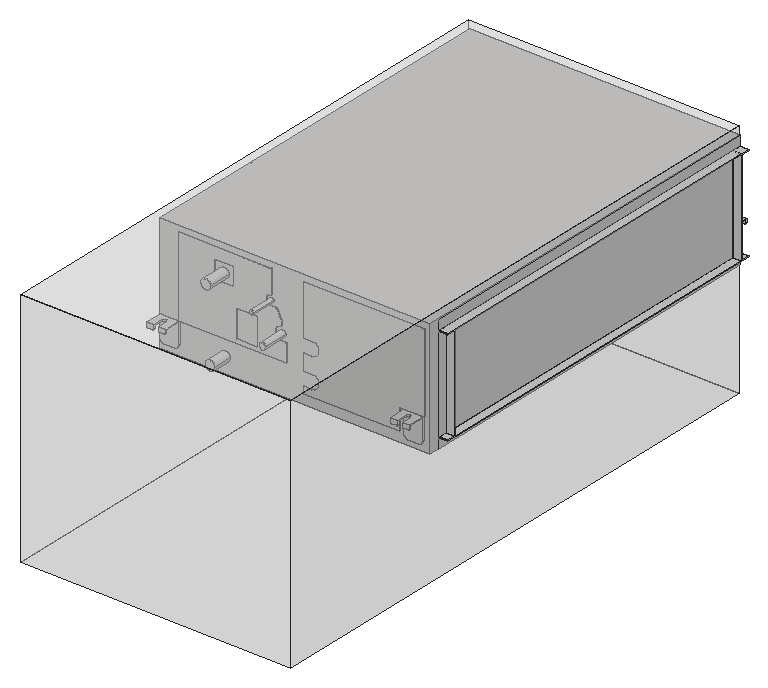
Revit family "outputfile", category 機械設備, Revit 2024
Family settings
  丸型コネクタ寸法 = 半径を使用
  パーツ タイプ = 標準
  OmniClass 番号 = 23.75.10.24.21.27.27
  OmniClass タイトル = Split System Air Conditioning Units
  作業面ベース = いいえ
  常に垂直 = はい
  ロード時にボイドで切り取り = いいえ
  注釈の向きを維持 = いいえ
  共有 = いいえ
  部屋計算ポイント = はい
Parameters (values of type "FDMA71AV1A")
  Description = ""
  製造元 = "Daikin"
  書き出し IFC クラス(タイプ) = "IfcUnitaryEquipmentType"
  定義済み IFC タイプ(タイプ) = "AIRCONDITIONINGUNIT"
  Cost = 0
  モデル = "FDMA71AV1A"
  Type Comments = ""
  Keynote = ""
  Type Image = (empty or 0)
  Assembly Code = ""
  switch_frequency = yes
  r_Liquid Pipe Size = Liquid Pipe Size / 2  # 4.75 mm
  r_Gas Pipe Size = Gas Pipe Size / 2  # 7.95 mm
  r_Drain Pipe Size = Drain Pipe Size / 2  # 12.5 mm
  lw_power = 395.0 mm  # constant formula
  lw_mountinghole1 = if(Depth = 1000.0 mm, 27.0 mm, if(Depth = 1400.0 mm, 28.0 mm, 27.0 mm))  # 27.0 mm
  lh_SA = 165.0 mm  # constant formula
  lw_SA = if(Depth = 550.0 mm, 225.0 mm, if(Depth = 700.0 mm, 300.0 mm, if(Depth = 1000.0 mm, 435.0 mm, if(Depth = 1400.0 mm, 635.0 mm, 725.0 mm))))  # 435.0 mm
  lw_RA = if(Depth = 550.0 mm, 275.0 mm, if(Depth = 700.0 mm, 349.0 mm, if(Depth = 1000.0 mm, 513.0 mm, if(Depth = 1400.0 mm, 713.0 mm, 775.0 mm))))  # 513.0 mm
  lh_power = 60.0 mm + [h***]  # 60.0 mm
  lh_mountinghole1 = lh_mountinghole + [h***]  # 80.0 mm
  lh_RA = 150.0 mm  # constant formula
  ld_power = Depth / 2  # 500.0 mm
  connector_voltage = Voltage_50Hz  # 230 V
  connector_powerinput = [Power Input (Cooling)]  # 2.250 kW
  connector_phase = Phase_50Hz  # 1
  Voltage_comment_50Hz = "220 - 240"
  Voltage_50Hz = 230 V
  URL = ""
  Total Heating Capacity [instance] = 0.000 kW
  Supply Air Direction [instance] = yes
  Sound Power Level_H speed (dB) = 54
  Power Input (Heating) = 2.300 kW
  Phase_50Hz = 1
  Nominal Heating Capacity = 8.000 kW
  Minimum External Static Pressure = 50.00 Pa
  Minimum Circuit Amps_50Hz = 0.0 A
  Maximum Fuse Amps_50Hz = 0.0 A
  Maximum External Static Pressure = 200.00 Pa
  Material_Casing = DAIKIN_GalvanizedSteel_Casing_indoorunit
  lw_mountinghole = 631.0 mm  # constant formula
  lh_gaspipe = 144.0 mm + [h***]  # 144.0 mm
  lh_mountinghole = 80.0 mm  # constant formula
  lh_liquidpipe = 212.0 mm + [h***]  # 212.0 mm
  lh_drainpipe = 232.0 mm + [h***]  # 232.0 mm
  lh_antena = Height - lh_mountinghole + 1.0 mm  # 221.0 mm
  ld_drainpipe = Depth / 2 + 59.0 mm  # 559.0 mm
  ld_liquidpipe = Depth / 2 + 65.0 mm  # 565.0 mm
  ld_gaspipe = Depth / 2 + 65.0 mm  # 565.0 mm
  ld_mountinghole = Depth + 38.0 mm  # 1038.0 mm
  h*** = 0.0 mm  # constant formula
  lw_liquidpipe = 290.0 mm  # constant formula
  lw_gaspipe = 290.0 mm + 28.0 mm  # 318.0 mm
  lw_drainpipe = 167.0 mm  # constant formula
  Width = 700.0 mm
  Version = "ver.1.0"
  Unit Type = "Duct"
  Unit Mass Weight = 69.00 kg
  Unit Designation [instance] = ""
  Uniclass2015Version = "Products v1.30"
  Uniclass2015Title = "Split coil room air conditioning units"
  Uniclass2015Code = "Pr_70_65_03_86"
  Total Cooling Capacity [instance] = 0.000 kW
  Sound Pressure Level_M speed (dBA) = 34.5
  Sound Pressure Level_L speed (dBA) = 32
  Sound Pressure Level_H speed (dBA) = 37
  Series = "SkyAir_Fan Coil Unit"
  Sensible Cooling Capacity [instance] = 0.000 kW
  SA Duct Size Width = 760.0 mm
  SA Duct Size Height = 215.0 mm
  Refrigerant Type = "R32"
  RA Duct Size Width = 925.0 mm
  RA Duct Size Height = 247.0 mm
  Power Input (Cooling) = 2.250 kW
  Option Accessory 3 [instance] = ""
  Option Accessory 2 [instance] = ""
  Option Accessory 1 [instance] = ""
  Nominal Cooling Capacity = 7.100 kW
  Minimum Airflow = 900.00 m³/h
  Median Airflow = 990.00 m³/h
  Maximum Airflow = 1080.00 m³/h
  Load Classification = HVAC
  Liquid Pipe Size = 9.5 mm
  Link_Nested Family [instance] = ""
  IfcVersion = ""
  IfcExportType = "AIRCONDITIONINGUNIT"
  IfcExportAs = "IfcUnitaryEquipmentType"
  Height = 300.0 mm
  Heating Entering Wet Bulb Temperature [instance] = -273.15 °C
  Heating Entering Dry Bulb Temperature [instance] = -273.15 °C
  Heating Ambient Wet Bulb Temperature [instance] = -273.15 °C
  Heating Ambient Dry Bulb Temperature [instance] = -273.15 °C
  Heat Exchanger Type = "Cross Fin Coil"
  Gas Pipe Size = 15.9 mm
  Frequency_50Hz = 50 Hz
  Fan Type = "Sirocco Fan"
  Fan Drive = "-"
  FCU Tag No. [instance] = ""
  Drain Pipe Size = 25.0 mm
  Design Supply Airflow [instance] = 0.00 m³/h
  Design Return Airflow [instance] = 0.00 m³/h
  Design External Static Pressure [instance] = 0.00 Pa
  Depth = 1000.0 mm
  既定の高さ = 0.0 mm
  Cooling Entering Wet Bulb Temperature [instance] = 0.00 °C
  Cooling Entering Dry Bulb Temperature [instance] = 0.00 °C
  Cooling Ambient Wet Bulb Temperature [instance] = 0.00 °C
  Cooling Ambient Dry Bulb Temperature [instance] = 0.00 °C
  Clearance visibility [instance] = yes
  Clearance Top = 20.0 mm
  Clearance Right = 0.0 mm
  Clearance Rear = 0.0 mm
  Clearance Left = 0.0 mm
  Clearance Front = 450.0 mm
  Clearance Bottom = 300.0 mm
Reference planes
  plane 1 "Center (Front/Back)": y = 0
  plane 2 "h": z = 0
  plane 3 "Center (Left/Right)": x = 0
  plane 4 "Back": y = 500
  plane 5 "Front": y = -500
  plane 6 "Left": x = -350
  plane 7 "Right": x = 350
  plane 8 "Top": z = 0
  plane 9 "Bottom": z = -300
  plane 10: y = -215
  plane 11: y = 500
  plane 12: y = -950
  plane 13: x = -350
  plane 14: x = 350
  plane 15: z = 20
  plane 16: z = -600
  plane 17: x = -350
  plane 18: x = -349
  plane 19: x = 349
  plane 20: y = 65
  plane 21: y = 13
  plane 22: z = -150
  plane 23: y = -501
  plane 24: z = -88
  plane 25: x = -60
  plane 26: y = -565
  plane 27: z = -156
  plane 28: x = -32
  plane 29: y = -559
  plane 30: z = -68
  plane 31: x = -183
  plane 32: x = -183
  plane 33: x = -60
  plane 34: x = -32
  plane 35: x = 45
  plane 36: x = -323
  plane 37: x = 308
  plane 38: y = -519
  plane 39: y = 519
  plane 40: z = -220
  plane 41: z = -135
  plane 42: y = -565
  plane 43: y = -376
  plane 44: y = -499
  plane 45: x = -373
  plane 46: x = 373
  plane 47: y = -549
Forms (mm)
  Extrusion 1, solid, material "DAIKIN_GalvanizedSteel_Casing_indoorunit" <- "Material_Casing"
    sketch origin (0, 0, 0) x (1, 0, 0) y (0, 1, 0)
      loop
        line (-349, 500) -> (-349, -500) -> (349, -500) -> (349, 500) -> (-349, 500)
    from -300 to 0
  Extrusion 2, solid, material "DAIKIN_GalvanizedSteel_Casing_indoorunit" <- "Material_Casing"
    sketch origin (0, 0, 0) x (1, 0, 0) y (0, 0, 1)
      loop
        line (-298.499, -219) -> (-20, -219) -> (-20, -172.5) -> (-37.831, -172.5)
        arc (-37.831, -172.5) -> (-49.389, -154.034) -> (-34, -138.615) r 17.5
        line (-34, -138.615) -> (-34, -127.5) -> (-47, -100.5) -> (-63.571, -100.5)
        arc (-63.571, -100.5) -> (-72.874, -86.197) -> (-60, -75) r 13
        line (-60, -75) -> (-60, -14) -> (-298.499, -14) -> (-298.499, -219)
      loop
        line (-158.5, -43.5) -> (-207.5, -43.5) -> (-207.5, -92.5) -> (-158.5, -92.5) -> (-158.5, -43.5)
      loop
        line (-150.563, -137.796) -> (-150.563, -209.857) -> (-96.517, -209.857) -> (-96.517, -137.796) -> (-150.563, -137.796)
    from 500 to 501
  Extrusion 3, solid, material "DAIKIN_GalvanizedSteel_Casing_indoorunit" <- "Material_Casing"
    sketch origin (0, 0, 0) x (1, 0, 0) y (0, 0, 1)
      loop
        line (23.104, -274.802) -> (271.104, -274.802) -> (271.104, -219.802) -> (335, -219.802) -> (335, -15.8) -> (23.104, -15.8) -> (23.104, -146.302) -> (46.104, -146.302)
        arc (46.104, -146.302) -> (63.604, -163.802) -> (46.104, -181.302) r 17.5
        line (46.104, -181.302) -> (23.104, -181.302) -> (23.104, -222.302) -> (46.104, -222.302)
        arc (46.104, -222.302) -> (63.604, -239.802) -> (46.104, -257.302) r 17.5
        line (46.104, -257.302) -> (23.104, -257.302) -> (23.104, -274.802)
    from 500 to 501
  Extrusion 4, solid, material "DAIKIN_GalvanizedSteel_Casing_indoorunit" <- "Material_Casing"
    sketch origin (0, 0, 0) x (1, 0, 0) y (0, 0, 1)
      loop
        circle (-60, -88) r 4.75
    from 500 to 565
  Extrusion 5, solid, material "DAIKIN_GalvanizedSteel_Casing_indoorunit" <- "Material_Casing"
    sketch origin (0, 0, 0) x (1, 0, 0) y (0, 0, 1)
      loop
        circle (-32, -156) r 7.95
    from 500 to 565
  Extrusion 6, solid, material "DAIKIN_GalvanizedSteel_Casing_indoorunit" <- "Material_Casing"
    sketch origin (0, 0, 0) x (1, 0, 0) y (0, 0, 1)
      loop
        circle (-183, -68) r 12.5
    from 500 to 559
  Extrusion 7, solid, material "DAIKIN_GalvanizedSteel_Casing_indoorunit" <- "Material_Casing"
    sketch origin (0, 0, 0) x (1, 0, 0) y (0, 0, 1)
      loop
        circle (-180, -260) r 12.5
    from 500 to 549
Dimensions and locks
  "Height": plane 8 "Top" to plane 9 "Bottom"
  equal spacing: plane 4 "Back", plane 1 "Center (Front/Back)", plane 5 "Front"
  "Depth": plane 4 "Back" to plane 5 "Front"
  equal spacing: plane 6 "Left", plane 3 "Center (Left/Right)", plane 7 "Right"
  "Width": plane 6 "Left" to plane 7 "Right"
  "Clearance Left": plane 13 to plane 6 "Left"
  "Clearance Right": plane 7 "Right" to plane 14
  "Clearance Rear": plane 11 to plane 4 "Back"
  "Clearance Front": plane 5 "Front" to plane 12
  "Clearance Top": plane 15 to plane 8 "Top"
  "Clearance Bottom": plane 9 "Bottom" to plane 16
  locked: plane 17 to plane 18 at 1
  locked: plane 19 to plane 14 at 1
  "lw_RA": plane 21 to plane 5 "Front"
  "lh_RA": plane 22 to plane 9 "Bottom"
  locked: plane 5 "Front" to plane 23 at 1
  "lw_liquidpipe": plane 25 to plane 6 "Left"
  "lh_liquidpipe": plane 24 to plane 9 "Bottom"
  "lh_gaspipe": plane 27 to plane 9 "Bottom"
  "lw_gaspipe": plane 28 to plane 6 "Left"
  "ld_gaspipe": plane 26 to plane 1 "Center (Front/Back)"
  "ld_drainpipe": plane 29 to plane 1 "Center (Front/Back)"
  "lh_drainpipe": plane 30 to plane 9 "Bottom"
  "lw_drainpipe": plane 31 to plane 6 "Left"
  "lw_drainpipe": plane 6 "Left" to plane 32
  "lw_liquidpipe": plane 6 "Left" to plane 33
  "lw_gaspipe": plane 6 "Left" to plane 34
  "lw_power": plane 6 "Left" to plane 35
  "lw_mountinghole1": plane 17 to plane 36
  "lw_mountinghole": plane 36 to plane 37
  equal spacing: plane 38, plane 1 "Center (Front/Back)", plane 39
  "ld_mountinghole": plane 39 to plane 38
  "lh_mountinghole": plane 40 to plane 9 "Bottom"
  "lh_SA": plane 41 to plane 9 "Bottom"
  locked: plane 44 to plane 5 "Front" at 1
  locked: plane 45 to plane 17 at 23
  locked: plane 14 to plane 46 at 23
  "ld_liquidpipe": plane 42 to plane 1 "Center (Front/Back)"
  locked: Extrusion 7 sketch curve to plane 18 at 169
  locked: Extrusion 7 sketch curve to plane 9 "Bottom" at 40
  locked: Extrusion 2 sketch curve to Extrusion 2 sketch curve at 205
  locked: Extrusion 2 sketch curve to Extrusion 2 sketch curve at 86.5
  locked: Extrusion 2 sketch curve to Extrusion 2 sketch curve at 72
  locked: Extrusion 2 sketch curve to Extrusion 2 sketch curve at 49  (x2)
  locked: Extrusion 2 sketch curve to Extrusion 2 sketch curve at 29.5
  locked: Extrusion 2 sketch curve to Extrusion 2 sketch curve at 72.061
  locked: Extrusion 2 sketch curve to Extrusion 2 sketch curve at 54.046
  locked: Extrusion 2 sketch curve to Extrusion 2 sketch curve at 98.5
  Extrusion 2 sketch curve to connector elem = 40.0 mm
  locked: Extrusion 2 sketch curve to Extrusion 2 sketch curve at 9.143
  locked: Extrusion 2 sketch curve to plane 18 at 50.501
  locked: plane 5 "Front" to plane 47 at 49
  "lw_SA": plane 4 "Back" to plane 20
  "r_Liquid Pipe Size": radius of Extrusion 4 sketch curve
  "r_Gas Pipe Size": radius of Extrusion 5 sketch curve
  "r_Drain Pipe Size": radius of Extrusion 6 sketch curve
  aligned and locked: level to plane 2 "h"
  aligned and locked: plane 8 "Top" to Extrusion 1
  aligned and locked: Extrusion 1 to plane 9 "Bottom"
  aligned and locked: nested 5 to plane 12
  aligned and locked: plane 13 to nested 5
  aligned and locked: plane 14 to nested 5
  aligned and locked: nested 5 to plane 13
  aligned and locked: plane 11 to nested 5
  aligned and locked: plane 15 to nested 5
  aligned and locked: plane 16 to nested 5
  aligned and locked: plane 5 "Front" to Extrusion 1 sketch curve
  aligned and locked: Extrusion 1 to plane 18
  aligned and locked: plane 19 to Extrusion 1
  aligned and locked: nested 7 to plane 18
  aligned and locked: nested 7 to plane 20
  aligned and locked: plane 19 to nested 8
  aligned and locked: plane 21 to nested 8
  aligned and locked: plane 22 to nested 8
  aligned and locked: Extrusion 2 to plane 23
  aligned and locked: plane 5 "Front" to Extrusion 2
  aligned and locked: plane 5 "Front" to Extrusion 3
  aligned and locked: Extrusion 4 sketch curve to plane 25
  aligned and locked: plane 24 to Extrusion 4 sketch curve
  aligned and locked: plane 5 "Front" to Extrusion 4
  aligned and locked: Extrusion 5 sketch curve to plane 28
  aligned and locked: plane 27 to Extrusion 5 sketch curve
  aligned and locked: plane 5 "Front" to Extrusion 5
  aligned and locked: Extrusion 6 sketch curve to plane 31
  aligned and locked: Extrusion 6 sketch curve to plane 30
  aligned and locked: Extrusion 6 to plane 29
  aligned and locked: nested 3 to plane 29
  aligned and locked: plane 32 to nested 3
  aligned and locked: nested 2 to plane 33
  aligned and locked: nested 1 to plane 34
  aligned and locked: Extrusion 5 to plane 26
  aligned and locked: nested 1 to plane 26
  aligned and locked: nested 6 to plane 5 "Front"
  aligned and locked: nested 6 to plane 35
  aligned and locked: plane 36 to nested 10
  aligned and locked: nested 10 to plane 5 "Front"
  aligned and locked: plane 37 to nested 9
  aligned and locked: nested 9 to plane 5 "Front"
  aligned and locked: nested 11 to plane 36
  aligned and locked: plane 4 "Back" to nested 11
  aligned and locked: nested 12 to plane 37
  aligned and locked: plane 4 "Back" to nested 12
  aligned and locked: plane 40 to nested 10
  aligned and locked: plane 40 to nested 11
  aligned and locked: plane 40 to nested 9
  aligned and locked: plane 40 to nested 12
  aligned and locked: plane 36 to nested 14
  aligned and locked: nested 14 to plane 39
  aligned and locked: plane 37 to nested 13
  aligned and locked: nested 13 to plane 39
  aligned and locked: plane 37 to nested 16
  aligned and locked: plane 38 to nested 16
  aligned and locked: plane 38 to nested 15
  aligned and locked: plane 36 to nested 15
  aligned and locked: plane 17 to plane 6 "Left"
  aligned and locked: plane 41 to nested 7
  aligned and locked: Extrusion 4 to plane 42
  aligned and locked: nested 2 to plane 42
  aligned and locked: Extrusion 3 to plane 23
  aligned and locked: nested 17 to plane 20
  aligned and locked: nested 17 to plane 45
  aligned and locked: plane 21 to nested 18
  aligned and locked: plane 46 to nested 18
  aligned and locked: plane 41 to nested 17
  aligned and locked: nested 18 to plane 22
  aligned and locked: nested 4 to plane 3 "Center (Left/Right)"
  aligned and locked: plane 1 "Center (Front/Back)" to nested 4
  aligned and locked: level to plane 8 "Top"
  aligned and locked: plane 5 "Front" to Extrusion 6
  aligned and locked: plane 5 "Front" to Extrusion 7
  aligned and locked: Extrusion 7 to plane 47
Automatic sketch dimensions
  plane 6 "Left" to Extrusion 1 sketch curve = 1.0 mm
  Extrusion 1 sketch curve to plane 7 "Right" = 1.0 mm
  Extrusion 1 sketch curve to plane 4 "Back" = 0.0 mm
  Extrusion 2 sketch curve to Extrusion 2 sketch curve = 13.0 mm
  Extrusion 2 sketch curve to Extrusion 2 sketch curve = 16.571 mm
  plane 41 to Extrusion 2 sketch curve = 7.5 mm
  Extrusion 2 sketch curve to plane 41 = 3.615 mm
  Extrusion 2 sketch curve to Extrusion 2 sketch curve = 2.0 mm
  Extrusion 2 sketch curve to Extrusion 2 sketch curve = 5.831 mm
  plane 40 to Extrusion 2 sketch curve = 1.0 mm
  Extrusion 2 sketch curve to Extrusion 2 sketch curve = 12.5 mm
  Extrusion 2 sketch curve to plane 33 = 90.563 mm
  plane 3 "Center (Left/Right)" to Extrusion 3 sketch curve = 23.104 mm
  Extrusion 3 sketch curve to level = 15.8 mm
  Extrusion 3 sketch curve to plane 19 = 14.0 mm
  plane 40 to Extrusion 3 sketch curve = 0.198 mm
  Extrusion 3 sketch curve to plane 37 = 36.896 mm
  plane 9 "Bottom" to Extrusion 3 sketch curve = 25.198 mm  (x2)
  Extrusion 2 sketch curve to plane 33 = 147.5 mm
  Extrusion 2 sketch curve to Extrusion 2 sketch curve = 17.831 mm
  plane 35 to Extrusion 3 sketch curve = 1.104 mm  (x2)
  plane 22 to Extrusion 3 sketch curve = 3.698 mm
  Extrusion 3 sketch curve to plane 40 = 2.302 mm
  Extrusion 3 sketch curve to Extrusion 3 sketch curve = 17.5 mm
  Extrusion 3 sketch curve to plane 22 = 31.302 mm
  Extrusion 3 sketch curve to plane 35 = 21.896 mm
  Extrusion 3 sketch curve to Extrusion 3 sketch curve = 0.0 mm
  radius of Extrusion 7 sketch curve = 12.5 mm
Nested families
  nested 1: "daikin_connector_rotate2" at (-32, 0, -156), length <- "ld_gaspipe", built-in parameter 1001364 <- "lh_gaspipe", radius <- "r_Gas Pipe Size", type "daikin_connector_rotate2"
    with radius 7.95 mm, length 565.0 mm, angle_vertical 90.00°
  nested 2: "daikin_connector_rotate2" at (-60, 0, -88), length <- "ld_liquidpipe", built-in parameter 1001364 <- "lh_liquidpipe", radius <- "r_Liquid Pipe Size", type "daikin_connector_rotate2"
    with radius 4.75 mm, length 565.0 mm, angle_vertical 90.00°
  nested 3: "daikin_connector_rotate2" at (-183, 0, -68), length <- "ld_drainpipe", built-in parameter 1001364 <- "lh_drainpipe", radius <- "r_Drain Pipe Size", type "daikin_connector_rotate2"
    with radius 12.5 mm, length 559.0 mm, angle_vertical 90.00°
  nested 4: "daikin_△_symbolicline" at (0, 0, 300) x (0, -1, 0) z (0, 0, 1), built-in parameter 1001364 <- "Height", visible <- "Supply Air Direction", type "daikin_△_symbolicline"
    with length 200.0 mm
  nested 5: "daikin_clearancespace" at (0, -225, -289.881), visible <- "Clearance visibility", show <- "Clearance visibility", Link_Nested Family <- "Link_Nested Family", type "daikin_clearancespace"
    with width 700.0 mm, show yes, height 620.0 mm, depth 1450.0 mm, Link_Nested Family ""
  nested 6: "daikin_connector_rotate2" at (45, 0, -240), built-in parameter 1001364 <- "lh_power", length <- "ld_power", type "daikin_connector_rotate2"
    with radius 10.0 mm, length 500.0 mm, angle_vertical 90.00°
  nested 7: "daikin_ductflange_FDMA-AV1A2" at (-349, 65, -135) x (0, -1, 0) z (0, 0, 1), type "daikin_ductflange_FDMA-AV1A2"
  nested 8: "daikin_ductflange_FDMA-AV1A" at (349, 13, -150) x (0, 1, 0) z (0, 0, 1), type "daikin_ductflange_FDMA-AV1A"
  nested 9: "daikin_hangerfixture_FDMA-AV1A" at (308, -500, -220), type "daikin_hangerfixture_FDMA-AV1A"
  nested 10: "daikin_hangerfixture_FDMA-AV1A" at (-323, -500, -220), type "daikin_hangerfixture_FDMA-AV1A"
  nested 11: "daikin_hangerfixture_FDMA-AV1A" at (-323, 500, -220) x (-1, 0, 0) z (0, 0, 1), type "daikin_hangerfixture_FDMA-AV1A"
  nested 12: "daikin_hangerfixture_FDMA-AV1A" at (308, 500, -220) x (-1, 0, 0) z (0, 0, 1), type "daikin_hangerfixture_FDMA-AV1A"
  nested 13: "daikin_mountinghole" at (308, 519, -300), h_mountinghole <- "lh_mountinghole1", l_antenna <- "lh_antena", Link_Nested Family <- "Link_Nested Family", type "daikin_mountinghole"
    with show yes, l_antenna 221.0 mm, h_mountinghole 80.0 mm, Link_Nested Family ""
  nested 14: "daikin_mountinghole" at (-323, 519, -300), h_mountinghole <- "lh_mountinghole1", l_antenna <- "lh_antena", Link_Nested Family <- "Link_Nested Family", type "daikin_mountinghole"
    with show yes, l_antenna 221.0 mm, h_mountinghole 80.0 mm, Link_Nested Family ""
  nested 15: "daikin_mountinghole" at (-323, -519, -300), h_mountinghole <- "lh_mountinghole1", l_antenna <- "lh_antena", Link_Nested Family <- "Link_Nested Family", type "daikin_mountinghole"
    with show yes, l_antenna 221.0 mm, h_mountinghole 80.0 mm, Link_Nested Family ""
  nested 16: "daikin_mountinghole" at (308, -519, -300), h_mountinghole <- "lh_mountinghole1", l_antenna <- "lh_antena", Link_Nested Family <- "Link_Nested Family", type "daikin_mountinghole"
    with show yes, l_antenna 221.0 mm, h_mountinghole 80.0 mm, Link_Nested Family ""
  nested 17: "daikin_connector_rotate2" at (-349, 65, -135) x (0, -1, 0) z (0, 0, 1), type "daikin_connector_rotate2"
    with radius 10.0 mm, length 24.0 mm, angle_vertical 90.00°
  nested 18: "daikin_connector_rotate2" at (349, 13, -150) x (0, 1, 0) z (0, 0, 1), type "daikin_connector_rotate2"
    with radius 10.0 mm, length 24.0 mm, angle_vertical 90.00°
Connectors
  piping at (-183, -559, -68), diameter 25, driven by "r_Drain Pipe Size"
    settings: on nested 3, index 3, connector inside diameter 609.6 mm, connector length 0.0 mm, flow factor 0, pipe flow 0.00 m³/h, pressure drop 0.0 Pa, fitting loss kfactor 0, connector angle 0.00°, fixture units 0, engagement length 0.0 mm, angle of deflection 0.00°, flow configuration 1, flow direction 2, fitting loss method 4, system type 16, joint type 0, gender type 0, connector reference index -1, connector utility 0, adjustable connector no, is connector primary yes, connector description "Condensate Drain Piping"
  piping at (-32, -565, -156), diameter 15.9, driven by "r_Gas Pipe Size"
    settings: on nested 1, index 4, connector inside diameter 609.6 mm, connector length 0.0 mm, flow factor 0, pipe flow 0.00 m³/h, pressure drop 0.0 Pa, fitting loss kfactor 0, connector angle 0.00°, fixture units 0, engagement length 0.0 mm, angle of deflection 0.00°, flow configuration 1, flow direction 2, fitting loss method 0, system type 29, joint type 0, gender type 0, connector reference index -1, connector utility 0, adjustable connector no, is connector primary no, connector description "Refrigerant Gas Piping"
  piping at (-60, -565, -88), diameter 9.5, driven by "r_Liquid Pipe Size"
    settings: on nested 2, index 5, connector inside diameter 609.6 mm, connector length 0.0 mm, flow factor 0, pipe flow 0.00 m³/h, pressure drop 0.0 Pa, fitting loss kfactor 0, connector angle 0.00°, fixture units 0, engagement length 0.0 mm, angle of deflection 0.00°, flow configuration 1, flow direction 1, fitting loss method 0, system type 29, joint type 0, gender type 0, connector reference index -1, connector utility 0, adjustable connector no, is connector primary no, connector description "Refrigerant Liquid Piping"
  electrical at (45, -500, -240), driven by "Load Classification", driven by "connector_phase", driven by "connector_powerinput", driven by "connector_voltage"
    settings: on nested 6, index 6, voltage 230 V, apparent load 2250 VA, apparent load phase1 0 VA, apparent load phase2 0 VA, apparent load phase3 0 VA, power factor 1, load classification "HVAC", number of poles 1, system type 30, power factor state 1, is connector primary yes, connector utility no, sub classification motor no, connector description "Power Supply"
  hvac at (-373, 65, -135), driven by "SA Duct Size Height", driven by "SA Duct Size Width"
    settings: on nested 17, index 7, duct flow 0.00 m³/h, flow factor 0, pres drop 0.00 Pa, loss coef 0, conn angle 0.00°, conn width 760.0 mm, conn height 215.0 mm, conn diameter 609.6 mm, duct sys type 1, conn prof type 1, flow config 0, flow direction 2, loss method 4, conn ref index -1, conn util no, is conn primary yes, conn desc "SA Duct"
  hvac at (373, 13, -150), driven by "RA Duct Size Height", driven by "RA Duct Size Width"
    settings: on nested 18, index 8, duct flow 0.00 m³/h, flow factor 0, pres drop 0.00 Pa, loss coef 0, conn angle 0.00°, conn width 925.0 mm, conn height 247.0 mm, conn diameter 609.6 mm, duct sys type 2, conn prof type 1, flow config 0, flow direction 1, loss method 4, conn ref index -1, conn util no, is conn primary no, conn desc "RA Duct"
Definition of nested family "daikin_clearancespace"
  Parameters (values of type "daikin_clearancespace")
    Description = "daikin_clearancespace"
    width [instance] = 1823.963 mm
    show [instance] = yes
    material = none
    height [instance] = 1359.762 mm
    depth [instance] = 880.0 mm
    Default Elevation = 0.0 mm
    Link_Nested Family [instance] = ""
  Reference planes
    plane 1 "Center (Front/Back)": y = 0
    plane 2 "Center (Elevation)": z = -0.119
    plane 3 "Center (Left/Right)": x = 0
    plane 4: y = 440
    plane 5: y = -440
    plane 6 "Right": x = 911.982
    plane 7 "Left": x = -911.982
    plane 8 "Top": z = 679.762
    plane 9 "Bottom": z = -680
  Forms (mm)
    Extrusion 1, solid, material <- "material", visible <- "show"
      sketch origin (0, 0, 0) x (1, 0, 0) y (0, 1, 0)
        loop
          line (-911.982, 440) -> (-911.982, -440) -> (911.982, -440) -> (911.982, 440) -> (-911.982, 440)
      from -680 to 679.762
  Lines and regions (mm)
    symbolic lines, visible <- "show"
      curve 1: line (911.982, 440, 0) -> (-911.982, 440, 0)
      curve 2: line (-911.982, 440, 0) -> (-911.982, -440, 0)
      curve 3: line (-911.982, -440, 0) -> (911.982, -440, 0)
      curve 4: line (911.982, -440, 0) -> (911.982, 440, 0)
      curve 5: line (911.982, 0, 679.762) -> (-911.982, 0, 679.762)
      curve 6: line (911.982, 0, -680) -> (911.982, 0, 679.762)
      curve 7: line (-911.982, 0, -680) -> (911.982, 0, -680)
      curve 8: line (-911.982, 0, 679.762) -> (-911.982, 0, -680)
      curve 9: line (0, 440, 679.762) -> (0, -440, 679.762)
      curve 10: line (0, -440, 679.762) -> (0, -440, -680)
      curve 11: line (0, 440, -680) -> (0, 440, 679.762)
      curve 12: line (0, -440, -680) -> (0, 440, -680)
  Dimensions and locks
    "width": plane 7 "Left" to plane 6 "Right"
    "depth": plane 4 to plane 5
    "height": plane 8 "Top" to plane 9 "Bottom"
    equal spacing: plane 7 "Left", plane 3 "Center (Left/Right)", plane 6 "Right"
    equal spacing: plane 4, plane 1 "Center (Front/Back)", plane 5
    equal spacing: plane 8 "Top", plane 2 "Center (Elevation)", plane 9 "Bottom"
    aligned and locked: level to plane 2 "Center (Elevation)"
    aligned and locked: Extrusion 1 sketch curve to plane 4
    aligned and locked: plane 7 "Left" to Extrusion 1 sketch curve
    aligned and locked: Extrusion 1 sketch curve to plane 5
    aligned and locked: Extrusion 1 sketch curve to plane 6 "Right"
    aligned and locked: plane 8 "Top" to Extrusion 1
    aligned and locked: curve 1 to Extrusion 1
    aligned and locked: curve 2 to Extrusion 1
    aligned and locked: curve 3 to Extrusion 1
    aligned and locked: curve 4 to Extrusion 1
    aligned and locked: curve 5 to Extrusion 1
    aligned and locked: curve 6 to Extrusion 1
    aligned and locked: curve 7 to Extrusion 1
    aligned and locked: curve 8 to Extrusion 1
    aligned and locked: curve 9 to Extrusion 1
    aligned and locked: curve 10 to Extrusion 1
    aligned and locked: curve 11 to Extrusion 1
    aligned and locked: curve 12 to Extrusion 1
    aligned and locked: Extrusion 1 to plane 9 "Bottom"
Definition of nested family "daikin_ductflange_FDMA-AV1A2"
  Parameters (values of type "daikin_ductflange_FBFC-DVM92")
    width = if(w = 550.0 mm, 337.0 mm, if(w = 700.0 mm, 492.0 mm, if(w = 1000.0 mm, 760.0 mm, if(w = 1400.0 mm, 1160.0 mm, 1337.0 mm))))  # 760.0 mm
    material = none
    height = 215.0 mm
    depth = 1.0 mm
    w = 1000.0 mm
    Default Elevation = 0.0 mm
  Reference planes
    plane 1 "Center (Front/Back)": y = 0
    plane 2: z = 0
    plane 3 "Center (Left/Right)": x = 0
    plane 4: z = 107.5
    plane 5: z = -107.5
    plane 6: y = -24
    plane 7: z = 132.5
    plane 8: z = 108.5
    plane 9: y = -1
    plane 10: x = -402.5
    plane 11: x = 402.5
    plane 12: z = -132.5
    plane 13: z = -108.5
    plane 14: y = -1
    plane 15: x = 380
    plane 16: x = -380
    plane 17: x = 381
    plane 18: z = 106.5
    plane 19: z = -106.5
    plane 20: x = -381
    plane 21: z = 106.5
    plane 22: z = -106.5
    plane 23: y = -1
  Forms (mm)
    Extrusion 1, solid, material <- "material"
      sketch origin (0, 0, 0) x (0, 1, 0) y (0, 0, 1)
        loop
          line (-24, 107.5) -> (0, 107.5) -> (0, 132.5) -> (-1, 132.5) -> (-1, 108.5) -> (-24, 108.5) -> (-24, 107.5)
      from -402.5 to 402.5
    Extrusion 2, solid, material <- "material"
      sketch origin (0, 0, 0) x (0, 1, 0) y (0, 0, 1)
        loop
          line (-24, -107.5) -> (-24, -108.5) -> (-1, -108.5) -> (-1, -132.5) -> (0, -132.5) -> (0, -107.5) -> (-24, -107.5)
      from -402.5 to 402.5
    Extrusion 3, solid, material <- "material"
      sketch origin (0, 0, 0) x (1, 0, 0) y (0, 0, 1)
        loop
          line (380, 107.5) -> (380, -107.5) -> (402.5, -107.5) -> (402.5, -106.5) -> (381, -106.5) -> (381, 106.5) -> (402.5, 106.5) -> (402.5, 107.5) -> (380, 107.5)
      from 0 to 24
    Extrusion 4, solid, material <- "material"
      sketch origin (0, 0, 0) x (1, 0, 0) y (0, 0, 1)
        loop
          line (-402.5, 107.5) -> (-402.5, 106.5) -> (-381, 106.5) -> (-381, -106.5) -> (-402.5, -106.5) -> (-402.5, -107.5) -> (-380, -107.5) -> (-380, 107.5) -> (-402.5, 107.5)
      from 0 to 24
    Extrusion 5, solid, material <- "material"
      sketch origin (0, 0, 0) x (1, 0, 0) y (0, 0, 1)
        loop
          line (-402.5, 107.5) -> (-402.5, -107.5) -> (-380, -107.5) -> (-380, 107.5) -> (-402.5, 107.5)
        loop
          line (402.5, 107.5) -> (380, 107.5) -> (380, -107.5) -> (402.5, -107.5) -> (402.5, 107.5)
      from 0 to 1
  Cuts and joins
    joined: Extrusion 1, Extrusion 2, Extrusion 3, Extrusion 4, Extrusion 5
  Dimensions and locks
    plane 4 to level to plane 5 = 107.5 mm, 107.5 mm
    locked: plane 6 to plane 1 "Center (Front/Back)" at 24
    locked: plane 9 to plane 1 "Center (Front/Back)" at 1
    locked: plane 8 to plane 4 at 1
    locked: plane 16 to plane 10 at 22.5
    locked: plane 17 to plane 15 at 1
    locked: plane 4 to plane 18 at 1
    locked: plane 19 to plane 5 at 1
    "width": plane 15 to plane 16
    plane 4 to plane 5 = 215.0 mm
    locked: plane 16 to plane 20 at 1
    locked: plane 4 to plane 21 at 1
    locked: plane 22 to plane 5 at 1
    locked: plane 23 to plane 1 "Center (Front/Back)" at 1
    plane 4 to level to plane 5 = 107.5 mm locked, 107.5 mm locked
    locked: plane 5 to plane 13 at 1
    locked: plane 5 to plane 12 at 25
    locked: plane 7 to plane 4 at 25
    equal spacing: plane 15, plane 3 "Center (Left/Right)", plane 16
    locked: plane 11 to plane 15 at 22.5
    plane 11 to plane 10 = 805.0 mm
    aligned and locked: level to plane 2
    aligned and locked: Extrusion 1 to plane 10
    aligned and locked: plane 11 to Extrusion 1
    aligned and locked: plane 5 to Extrusion 2
    aligned and locked: Extrusion 2 to plane 1 "Center (Front/Back)"
    aligned and locked: plane 15 to Extrusion 3 sketch curve
    aligned and locked: Extrusion 3 sketch curve to Extrusion 2  (x2)
    aligned and locked: Extrusion 3 sketch curve to plane 11
    aligned and locked: plane 6 to Extrusion 3
    aligned and locked: Extrusion 2 to plane 10
    aligned and locked: plane 11 to Extrusion 2
    aligned and locked: Extrusion 4 sketch curve to Extrusion 1  (x2)
    aligned and locked: plane 5 to Extrusion 4 sketch curve
    aligned and locked: Extrusion 4 sketch curve to plane 16
    aligned and locked: Extrusion 4 sketch curve to plane 22
    aligned and locked: plane 20 to Extrusion 4 sketch curve
    aligned and locked: plane 21 to Extrusion 4 sketch curve
    aligned and locked: Extrusion 4 to plane 1 "Center (Front/Back)"
    aligned and locked: plane 6 to Extrusion 4
    aligned and locked: Extrusion 5 sketch curve to Extrusion 1  (x4)
    aligned and locked: Extrusion 5 sketch curve to Extrusion 4  (x2)
    aligned and locked: Extrusion 5 sketch curve to Extrusion 3  (x2)
    aligned and locked: Extrusion 5 to plane 1 "Center (Front/Back)"
    aligned and locked: plane 23 to Extrusion 5
  Automatic sketch dimensions
    Extrusion 1 sketch curve to plane 6 = 0.0 mm
    Extrusion 1 sketch curve to plane 7 = 0.0 mm
    Extrusion 1 sketch curve to plane 9 = 0.0 mm
    Extrusion 1 sketch curve to plane 1 "Center (Front/Back)" = 0.0 mm
    Extrusion 1 sketch curve to plane 4 = 0.0 mm
    Extrusion 1 sketch curve to plane 8 = 0.0 mm
    Extrusion 2 sketch curve to plane 6 = 0.0 mm
    plane 12 to Extrusion 2 sketch curve = 0.0 mm
    Extrusion 2 sketch curve to plane 14 = 0.0 mm
    Extrusion 2 sketch curve to plane 1 "Center (Front/Back)" = 0.0 mm
    plane 13 to Extrusion 2 sketch curve = 0.0 mm
    Extrusion 2 sketch curve to plane 5 = 0.0 mm
    Extrusion 3 sketch curve to plane 17 = 0.0 mm
    Extrusion 3 sketch curve to plane 19 = 0.0 mm
    Extrusion 3 sketch curve to plane 18 = 0.0 mm
    Extrusion 3 sketch curve to plane 4 = 0.0 mm
    Extrusion 4 sketch curve to plane 10 = 0.0 mm
Definition of nested family "daikin_ductflange_FDMA-AV1A"
  Parameters (values of type "daikin_ductflange_FBFC-DVM9")
    width = if(w = 550.0 mm, 502.0 mm, if(w = 700.0 mm, 654.0 mm, if(w = 1000.0 mm, 925.0 mm, if(w = 1400.0 mm, 1325.0 mm, 1502.0 mm))))  # 925.0 mm
    material = none
    lw = if(width = 654.0 mm, 23.0 mm, 22.5 mm)  # 22.5 mm
    height = 247.0 mm
    depth = 1.0 mm
    w = 1000.0 mm
    Default Elevation = 0.0 mm
  Reference planes
    plane 1 "Center (Front/Back)": y = 0
    plane 2: z = 0
    plane 3 "Center (Left/Right)": x = 0
    plane 4: z = 123.5
    plane 5: z = -123.5
    plane 6: y = -24
    plane 7: z = 148.5
    plane 8: z = 124.5
    plane 9: y = -1
    plane 10: x = -485
    plane 11: x = 485
    plane 12: z = -149.5
    plane 13: z = -124.5
    plane 14: y = -1
    plane 15: x = 462.5
    plane 16: x = -462.5
    plane 17: x = 463.5
    plane 18: z = 122.5
    plane 19: z = -122.5
    plane 20: x = -463.5
    plane 21: z = 122.5
    plane 22: z = -122.5
    plane 23: y = -1
  Forms (mm)
    Extrusion 1, solid, material <- "material"
      sketch origin (0, 0, 0) x (0, 1, 0) y (0, 0, 1)
        loop
          line (-24, 123.5) -> (0, 123.5) -> (0, 148.5) -> (-1, 148.5) -> (-1, 124.5) -> (-24, 124.5) -> (-24, 123.5)
      from -485 to 485
    Extrusion 2, solid, material <- "material"
      sketch origin (0, 0, 0) x (0, 1, 0) y (0, 0, 1)
        loop
          line (-24, -123.5) -> (-24, -124.5) -> (-1, -124.5) -> (-1, -149.5) -> (0, -149.5) -> (0, -123.5) -> (-24, -123.5)
      from -485 to 485
    Extrusion 3, solid, material <- "material"
      sketch origin (0, 0, 0) x (1, 0, 0) y (0, 0, 1)
        loop
          line (462.5, 123.5) -> (462.5, -123.5) -> (485, -123.5) -> (485, -122.5) -> (463.5, -122.5) -> (463.5, 122.5) -> (485, 122.5) -> (485, 123.5) -> (462.5, 123.5)
      from 0 to 24
    Extrusion 4, solid, material <- "material"
      sketch origin (0, 0, 0) x (1, 0, 0) y (0, 0, 1)
        loop
          line (-485, 123.5) -> (-485, 122.5) -> (-463.5, 122.5) -> (-463.5, -122.5) -> (-485, -122.5) -> (-485, -123.5) -> (-462.5, -123.5) -> (-462.5, 123.5) -> (-485, 123.5)
      from 0 to 24
    Extrusion 5, solid, material <- "material"
      sketch origin (0, 0, 0) x (1, 0, 0) y (0, 0, 1)
        loop
          line (-485, 123.5) -> (-485, -123.5) -> (-462.5, -123.5) -> (-462.5, 123.5) -> (-485, 123.5)
        loop
          line (485, 123.5) -> (462.5, 123.5) -> (462.5, -123.5) -> (485, -123.5) -> (485, 123.5)
      from 0 to 1
  Cuts and joins
    joined: Extrusion 1, Extrusion 2, Extrusion 3, Extrusion 4, Extrusion 5
  Dimensions and locks
    plane 4 to level to plane 5 = 123.5 mm, 123.5 mm
    locked: plane 6 to plane 1 "Center (Front/Back)" at 24
    locked: plane 9 to plane 1 "Center (Front/Back)" at 1
    locked: plane 8 to plane 4 at 1
    "lw": plane 11 to plane 15
    "lw": plane 16 to plane 10
    locked: plane 17 to plane 15 at 1
    locked: plane 4 to plane 18 at 1
    locked: plane 19 to plane 5 at 1
    "width": plane 15 to plane 16
    equal spacing: plane 15, plane 3 "Center (Left/Right)", plane 16
    locked: plane 16 to plane 20 at 1
    locked: plane 4 to plane 21 at 1
    locked: plane 22 to plane 5 at 1
    locked: plane 23 to plane 1 "Center (Front/Back)" at 1
    locked: plane 7 to plane 4 at 25
    locked: plane 1 "Center (Front/Back)" to plane 14 at 1
    locked: plane 5 to plane 13 at 1
    "height": plane 4 to plane 5
    plane 11 to plane 10 = 970.0 mm
    locked: plane 12 to plane 13 at 25
    equal spacing: plane 4, level, plane 5
    aligned and locked: level to plane 2
    aligned and locked: Extrusion 1 to plane 10
    aligned and locked: plane 11 to Extrusion 1
    aligned and locked: plane 5 to Extrusion 2
    aligned and locked: Extrusion 2 to plane 1 "Center (Front/Back)"
    aligned and locked: plane 15 to Extrusion 3 sketch curve
    aligned and locked: Extrusion 3 sketch curve to Extrusion 2  (x2)
    aligned and locked: Extrusion 3 sketch curve to plane 11
    aligned and locked: plane 6 to Extrusion 3
    aligned and locked: Extrusion 2 to plane 10
    aligned and locked: plane 11 to Extrusion 2
    aligned and locked: Extrusion 4 sketch curve to Extrusion 1  (x2)
    aligned and locked: plane 5 to Extrusion 4 sketch curve
    aligned and locked: Extrusion 4 sketch curve to plane 16
    aligned and locked: Extrusion 4 sketch curve to plane 22
    aligned and locked: plane 20 to Extrusion 4 sketch curve
    aligned and locked: plane 21 to Extrusion 4 sketch curve
    aligned and locked: Extrusion 4 to plane 1 "Center (Front/Back)"
    aligned and locked: plane 6 to Extrusion 4
    aligned and locked: Extrusion 5 sketch curve to Extrusion 1  (x4)
    aligned and locked: Extrusion 5 sketch curve to Extrusion 4  (x2)
    aligned and locked: Extrusion 5 sketch curve to Extrusion 3  (x2)
    aligned and locked: Extrusion 5 to plane 1 "Center (Front/Back)"
    aligned and locked: plane 23 to Extrusion 5
  Automatic sketch dimensions
    Extrusion 1 sketch curve to plane 6 = 0.0 mm
    Extrusion 1 sketch curve to plane 7 = 0.0 mm
    Extrusion 1 sketch curve to plane 9 = 0.0 mm
    Extrusion 1 sketch curve to plane 1 "Center (Front/Back)" = 0.0 mm
    Extrusion 1 sketch curve to plane 4 = 0.0 mm
    Extrusion 1 sketch curve to plane 8 = 0.0 mm
    Extrusion 2 sketch curve to plane 6 = 0.0 mm
    plane 12 to Extrusion 2 sketch curve = 0.0 mm
    Extrusion 2 sketch curve to plane 14 = 0.0 mm
    Extrusion 2 sketch curve to plane 1 "Center (Front/Back)" = 0.0 mm
    plane 13 to Extrusion 2 sketch curve = 0.0 mm
    Extrusion 2 sketch curve to plane 5 = 0.0 mm
    Extrusion 3 sketch curve to plane 17 = 0.0 mm
    Extrusion 3 sketch curve to plane 19 = 0.0 mm
    Extrusion 3 sketch curve to plane 18 = 0.0 mm
    Extrusion 3 sketch curve to plane 4 = 0.0 mm
    Extrusion 4 sketch curve to plane 10 = 0.0 mm
Definition of nested family "daikin_hangerfixture_FDMA-AV1A"
  Parameters (values of type "daikin_hangerfixture_FBFC-DVM9")
    width = 80.0 mm
    material = none
    height = 65.0 mm
    depth = 50.0 mm
    Default Elevation = 0.0 mm
  Reference planes
    plane 1 "Center (Front/Back)": y = 0
    plane 2: z = 0
    plane 3 "Center (Left/Right)": x = 0
    plane 4: y = 417.146
    plane 5: y = -45
    plane 6: x = -24
    plane 7: x = 24
    plane 8: z = -2.3
    plane 9: z = -65
    plane 10: y = -2.3
    plane 11: z = -12
    plane 12: y = -42.7
  Forms (mm)
    Extrusion 1, solid, material <- "material"
      sketch origin (0, 0, 0) x (1, 0, 0) y (0, 1, 0)
        loop
          line (-24, 0) -> (-24, -45) -> (-6, -45) -> (-6, -19)
          arc (-6, -19) -> (0, -13) -> (6, -19) r 6
          line (6, -19) -> (6, -45) -> (24, -45) -> (24, 0) -> (-24, 0)
      from 0 to -2.3
    Extrusion 2, solid, material <- "material"
      sketch origin (0, 0, 0) x (1, 0, 0) y (0, 0, 1)
        loop
          line (24, -55) -> (24, 0) -> (-24, 0) -> (-24, -55)
          arc (-24, -55) -> (-21.071, -62.071) -> (-14, -65) r 10
          line (-14, -65) -> (14, -65)
          arc (14, -65) -> (21.071, -62.071) -> (24, -55) r 10
      from 0 to 2.3
    Extrusion 3, solid, material <- "material"
      sketch origin (0, 0, 0) x (1, 0, 0) y (0, 0, 1)
        loop
          line (-24, 0) -> (-24, -9)
          arc (-24, -9) -> (-23.121, -11.121) -> (-21, -12) r 3
          line (-21, -12) -> (-9, -12)
          arc (-9, -12) -> (-6.879, -11.121) -> (-6, -9) r 3
          line (-6, -9) -> (-6, 0) -> (-24, 0)
        loop
          line (24, 0) -> (6, 0) -> (6, -9)
          arc (6, -9) -> (6.879, -11.121) -> (9, -12) r 3
          line (9, -12) -> (21, -12)
          arc (21, -12) -> (23.121, -11.121) -> (24, -9) r 3
          line (24, -9) -> (24, 0)
      from 42.7 to 45
  Cuts and joins
    joined: Extrusion 1, Extrusion 2, Extrusion 3
  Dimensions and locks
    plane 2 to plane 8 = 2.3 mm
    "height": plane 2 to plane 9
    locked: plane 10 to plane 1 "Center (Front/Back)" at 2.3
    locked: plane 2 to plane 11 at 12
    locked: plane 12 to plane 5 at 2.3
    plane 5 to plane 1 "Center (Front/Back)" = 45.0 mm
    aligned and locked: level to plane 2
    aligned and locked: Extrusion 1 to plane 8
    aligned and locked: plane 2 to Extrusion 1
    aligned and locked: plane 2 to Extrusion 2 sketch curve
    aligned and locked: Extrusion 2 to plane 10
    aligned and locked: Extrusion 2 to plane 1 "Center (Front/Back)"
  Automatic sketch dimensions
    Extrusion 3 sketch curve to level = 0.0 mm  (x2)
    Extrusion 3 sketch curve to plane 11 = 0.0 mm  (x2)
    plane 11 to Extrusion 3 sketch curve = 3.0 mm  (x2)
    plane 3 "Center (Left/Right)" to Extrusion 3 sketch curve = 6.0 mm
    Extrusion 3 sketch curve to Extrusion 3 sketch curve = 3.0 mm  (x2)
    plane 1 "Center (Front/Back)" to Extrusion 1 sketch curve = 0.0 mm
    Extrusion 1 sketch curve to plane 3 "Center (Left/Right)" = 0.0 mm
    Extrusion 1 sketch curve to plane 3 "Center (Left/Right)" = 6.0 mm
    plane 6 to Extrusion 1 sketch curve = 0.0 mm
    Extrusion 1 sketch curve to plane 7 = 0.0 mm
    Extrusion 1 sketch curve to plane 10 = 16.7 mm
    Extrusion 1 sketch curve to plane 5 = 0.0 mm  (x2)
    Extrusion 3 sketch curve to plane 3 "Center (Left/Right)" = 6.0 mm
    Extrusion 3 sketch curve to Extrusion 3 sketch curve = 12.0 mm  (x2)
    Extrusion 2 sketch curve to plane 6 = 0.0 mm
    Extrusion 2 sketch curve to plane 9 = 0.0 mm
    Extrusion 2 sketch curve to plane 7 = 0.0 mm
    plane 6 to Extrusion 2 sketch curve = 10.0 mm
    plane 3 "Center (Left/Right)" to Extrusion 2 sketch curve = 14.0 mm
Definition of nested family "daikin_connector_rotate2"
  Parameters (values of type "daikin_connector_rotate2")
    Default Elevation = 1219.2 mm
    show_face = no
    radius [instance] = 10.0 mm
    length [instance] = 600.0 mm
    d_surface = 10.0 mm
    angle_vertical [instance] = 90.00°
  Reference planes
    plane 1 "Center (Front/Back)": y = 0
    plane 2: z = 0
    plane 3 "Center (Left/Right)": x = 0
  Forms (mm)
    Extrusion 1, solid, visible <- "show_face"
      sketch origin (0, -600, 0) x (1, 0, 0) y (0, 0, 1)
        loop
          circle (0, 0) r 10
      from 0 to -10
  Lines and regions (mm)
    reference lines
      curve 1: line (0, 0, 0) -> (0, -600, 0)
    symbolic lines
      curve 2: circle (0, 0, 0) r 5 normal (0, 0, 1)
    model lines, visible <- "show_face"
      curve 3: line (0, 0, 0) -> (0, -600, 0)
  Dimensions and locks
    "length": curve 1 to curve 1
    "length": curve 3 to curve 3
    "d_surface": Extrusion 1 to Extrusion 1
    "radius": radius of Extrusion 1 sketch curve
    "angle_vertical": angle curve 1 to plane 1 "Center (Front/Back)"
    "angle_vertical": angle curve 3 to plane 1 "Center (Front/Back)"
    aligned and locked: level to plane 2
    aligned and locked: plane 1 "Center (Front/Back)" to curve 1
    aligned and locked: plane 2 to curve 1
    aligned and locked: plane 1 "Center (Front/Back)" to curve 2
    aligned and locked: plane 3 "Center (Left/Right)" to curve 2
    aligned and locked: plane 1 "Center (Front/Back)" to curve 3
    aligned and locked: plane 2 to curve 3
    aligned and locked: Extrusion 1 to Extrusion 1
  Automatic sketch dimensions
    Extrusion 1 sketch curve to level = 0.0 mm
    Extrusion 1 sketch curve to plane 3 "Center (Left/Right)" = 0.0 mm
    radius of curve 2 = 5.0 mm
Definition of nested family "daikin_△_symbolicline"
  Parameters (values of type "daikin_△_symbolicline")
    length [instance] = 200.0 mm
    Default Elevation = 0.0 mm
  Reference planes
    plane 1 "Center (Front/Back)": y = 0
    plane 2: z = 0
    plane 3 "Center (Left/Right)": x = 0
  Lines and regions (mm)
    symbolic lines
      curve 1: line (0, -173.205, 0) -> (100, 0, 0)
      curve 2: line (100, 0, 0) -> (-100, 0, 0)
      curve 3: line (-100, 0, 0) -> (0, -173.205, 0)
  Dimensions and locks
    equal spacing: curve 3, plane 3 "Center (Left/Right)", curve 2
    "length": curve 3 to curve 2
    "length": curve 3 to curve 3
    "length": curve 1 to curve 1
    aligned and locked: level to plane 2
    aligned and locked: curve 2 to plane 1 "Center (Front/Back)"
    aligned and locked: plane 3 "Center (Left/Right)" to curve 3
Definition of nested family "daikin_mountinghole"
  Parameters (values of type "daikin_mountinghole")
    Default Elevation = 1219.2 mm
    Type Comments = "mountinghole"
    show [instance] = yes
    material = none
    l_centerline = 100.0 mm
    l_antenna [instance] = 100.0 mm
    h_mountinghole [instance] = 0.0 mm
    d_circle = 30.0 mm
    Link_Nested Family [instance] = ""
  Reference planes
    plane 1 "Center (Front/Back)": y = 0
    plane 2: z = 0
    plane 3 "Center (Left/Right)": x = 0
    plane 4: y = 50
    plane 5: x = -50
    plane 6: x = 50
    plane 7: y = -50
    plane 8 "h_mountinghole": z = 0
    plane 9: z = 100
  Lines and regions (mm)
    model lines, detail levels fine
      curve 1: circle (0, 0, 0) r 15 normal (0, 0, 1)
      curve 2: line (-50, 0, 0) -> (50, 0, 0)
      curve 3: line (0, 50, 0) -> (0, -50, 0)
    symbolic lines, detail levels fine
      curve 4: circle (0, 0, 0) r 15 normal (0, 0, 1)
      curve 5: line (-50, 0, 0) -> (50, 0, 0)
      curve 6: line (0, 50, 0) -> (0, -50, 0)
    model lines
      curve 7: line (0, 0, 100) -> (0, 0, 0)
  Dimensions and locks
    equal spacing: plane 4, plane 1 "Center (Front/Back)", plane 7
    "l_centerline": plane 4 to plane 7
    equal spacing: plane 5, plane 3 "Center (Left/Right)", plane 6
    "l_centerline": plane 5 to plane 6
    "l_antenna": plane 9 to plane 8 "h_mountinghole"
    "h_mountinghole": plane 8 "h_mountinghole" to plane 2
    "d_circle": diameter of curve 1
    "d_circle": diameter of curve 4
    aligned and locked: level to plane 2
    aligned and locked: plane 1 "Center (Front/Back)" to curve 1
    aligned and locked: plane 3 "Center (Left/Right)" to curve 1
    aligned and locked: plane 1 "Center (Front/Back)" to curve 2
    aligned and locked: curve 3 to plane 3 "Center (Left/Right)"
    aligned and locked: plane 6 to curve 2
    aligned and locked: plane 5 to curve 2
    aligned and locked: plane 4 to curve 3
    aligned and locked: plane 7 to curve 3
    aligned and locked: plane 1 "Center (Front/Back)" to curve 4
    aligned and locked: plane 3 "Center (Left/Right)" to curve 4
    aligned and locked: plane 6 to curve 5
    aligned and locked: plane 5 to curve 5
    aligned and locked: plane 1 "Center (Front/Back)" to curve 5
    aligned and locked: plane 4 to curve 6
    aligned and locked: plane 7 to curve 6
    aligned and locked: curve 6 to plane 3 "Center (Left/Right)"
    aligned and locked: curve 7 to plane 3 "Center (Left/Right)"
    aligned and locked: plane 9 to curve 7
    aligned and locked: plane 8 "h_mountinghole" to curve 7
